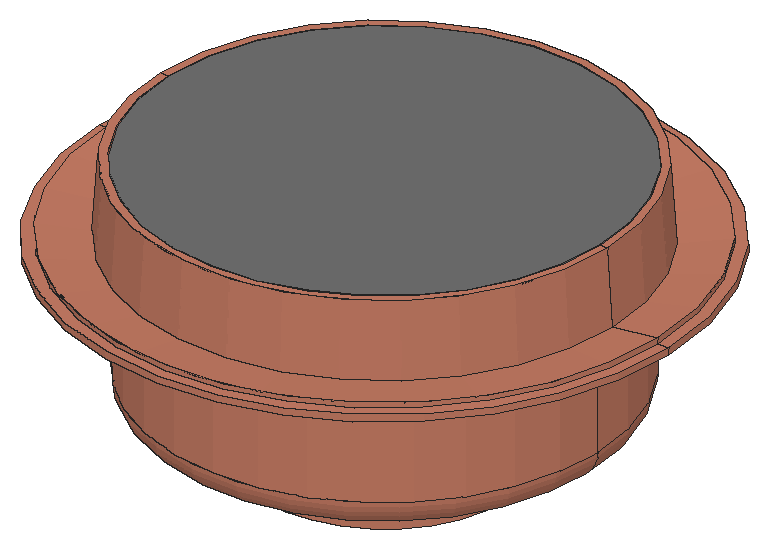
Revit family "Flr_Drn_2142_JRSmith", category Plumbing Fixtures, Revit 2021
Family settings
  Round Connector Dimension = Use Radius
  Part Type = Normal
  Work Plane-Based = Yes
  Always vertical = Yes
  Cut with Voids When Loaded = No
  Shared = No
  Room Calculation Point = No
Parameters (values of type "2142-06")
  Weight (lb) = 47.08
  Waste Connection = no
  Warranty = "1 year material and workmanship"  # constant formula
  Vent Connection = no
  URL = "http://www.jrsmith.com"
  Threaded Connection = yes
  Technical and Installation = "http://www.jrsmith.com/products/floor/tech_data_index.htm"
  SMARTBIM URL = "www.smartbim.com"
  SMARTBIM Object Version = 3  # constant formula
  SMARTBIM Object Created By = "SMARTBIM,LLC"  # constant formula
  SMARTBIM Contact = "mailto:smartbim@smartbim.com"
  Push On Connection = yes
  Product URL = "http://www.jrsmith.com/products/floor/submittal/d2230.pdf"
  Outlet Diameter = 6"
  No-Hub Connection = yes
  Material Finish = Duco Cast Iron
  Material = Cast Iron
  Free Area (Sq.In) = "25.5"  # constant formula
  Description = "Duco cast iron body and flashing collar with cast iron grate and slotted sediment bucket"  # constant formula
  Outlet Radius = 3"
  OmniClass Title = "Sanitary Drains"  # constant formula
  OmniClass Code = "22-22 13 19 13"  # constant formula
  Model = "2230"  # constant formula
  Manufacturer = "Jay R. Smith Mfg. Co. "  # constant formula
  Default Elevation = 0"
  Caulk Connection = yes
  B = 5"
  Assembly Code = "D2030300"
  95 CSI = "15155"  # constant formula
  04 CSI = "22 13 19"  # constant formula
Types (5): name | Weight (lb) | Outlet Diameter | Outlet Radius
  2142-02 | 48.97 | 2" | 1"
  2142-03 | 47.97 | 3" | 1 1/2"
  2142-04 | 46.31 | 4" | 2"
  2142-05 | 48.92 | 5" | 2 1/2"
  2142-06 | 47.08 | 6" | 3"
Reference planes (in)
  plane 1 "Center (Front/Back)": y = 0
  plane 2: z = 0
  plane 3 "Center (Left/Right)": x = 0
  plane 4: x = -7.625
  plane 5: x = 7.625
  plane 6: x = -6
  plane 7: x = 6
  plane 8: z = -5
  plane 9: z = 0
  plane 10: z = 2
Lines and regions (in)
  model lines, detail levels coarse+medium
    curve 1: line (6, 0, 2) -> (-6, 0, 2)
    curve 2: line (3, 0, -5) -> (-3, 0, -5)
    curve 3: line (0, 0, 2) -> (0, 0, -5)
  symbolic lines, detail levels fine
    curve 4: circle (0, 0, 0) r 7.625 normal (0, 0, 1)
Dimensions and locks (in)
  plane 4 to plane 5 = 15 1/4"
  plane 6 to plane 7 = 12"
  locked: plane 3 "Center (Left/Right)" to curve 1 at 6
  locked: curve 1 to plane 3 "Center (Left/Right)" at 6
  "Outlet Radius": plane 3 "Center (Left/Right)" to curve 2
  "Outlet Radius": curve 2 to plane 3 "Center (Left/Right)"
  locked: level to plane 9
  "B": plane 9 to plane 8
  locked: plane 10 to plane 9 at 2
  aligned and locked: plane 1 "Center (Front/Back)" to nested 1
  aligned and locked: plane 3 "Center (Left/Right)" to nested 1
  aligned and locked: curve 3 to plane 3 "Center (Left/Right)"
  aligned and locked: curve 2 to curve 3
  aligned and locked: plane 8 to curve 2
  aligned and locked: plane 10 to curve 1
  aligned and locked: plane 9 to nested 1
  aligned and locked: plane 10 to curve 3
  aligned and locked: curve 4 to nested 1
Nested families (in)
  nested 1: "2230" at (0, 0, 0.4567), type "2230", detail levels fine
    with Pipe Radius 3", B 5"
Connectors (in)
  piping at (0, 0, -5), diameter 6, driven by "Outlet Radius"
    settings: on nested 1, index 1, connector inside diameter 3", connector length 0", flow factor 0, pipe flow 0 GPM, pressure drop 0.00 psi, fitting loss kfactor 0, connector angle 0.00°, fixture units 0, engagement length 0", angle of deflection 0.00°, flow configuration 0, flow direction 2, fitting loss method 0, system type 16, joint type 0, gender type 0, connector reference index -1, connector utility 0, adjustable connector no, is connector primary yes, connector description ""
Definition of nested family "2230"
  Parameters
    Weight (lb) = 48.97
    Waste Connection = no
    Warranty = "1 year material and workmanship"  # constant formula
    Vent Connection = no
    URL = "http://www.jrsmith.com"
    Technical and Installation = "http://www.jrsmith.com/products/floor/tech_data_index.htm"
    SmartBIM Object Version = 3  # constant formula
    SmartBIM Object Created By = "Reed Construction Data"  # constant formula
    Push On = yes
    Product URL = "http://www.jrsmith.com/products/floor/submittal/d2230.pdf"
    Pipe Diameter = "2\""
    Offset = Floor Offset + 1 139/256"  # 3 3/4"
    No Hub = yes
    Free Area (sq. in) = "25.5"  # constant formula
    Flow Rate = ""
    Floor Offset = 2 53/256"
    Description = "Duco cast iron body and flashing collar with cast iron grate and slotted sediment bucket"  # constant formula
    Pipe Radius = 1"
    OmniClass Title = "Sanitary Drains"  # constant formula
    OmniClass Code = "22-22 13 19 13"  # constant formula
    Model = "2230"  # constant formula
    Material Finish = none
    Material = none
    Manufacturer = "Jay R. Smith Mfg. Co. "  # constant formula
    Default Elevation = 0"
    Connection Type = ""
    B = 6 7/8"
    Assembly Code = "D2030300"
    95 CSI = "15155"  # constant formula
    04 CSI = "22 13 19"  # constant formula
  Reference planes (in)
    plane 1 "Center (Front/Back)": y = 0
    plane 2: z = 0
    plane 3 "Center (Left/Right)": x = 0
    plane 4: z = 1.5433
    plane 5: x = 8.65929
    plane 6: x = 7.625
    plane 7: x = -7.625
    plane 8: x = 7.625
    plane 9: x = -6
    plane 10: x = 6
    plane 11: z = -3.04692
    plane 12: z = -0.4567
  Forms (in)
    Extrusion 1, solid, material <- "Material Finish"
      sketch origin (-6.23822, -180, 1.5433) x (-1, 0, 0) y (0, -1, 0)
        loop
          circle (-6.23822, -180) r 5.78274
      from 0 to -0.25
    Revolve 2, solid, material <- "Material"
      sketch origin (0, 0, 0) x (1, 0, 0) y (0, 0, 1)
        loop
          line (5.34488, -0.71086) -> (5.51736, -0.71086) -> (5.51736, -0.06946) -> (5.10041, -0.06946)
          arc (5.10041, -0.06946) -> (5.01203, -0.03285) -> (4.97541, 0.05554) r 0.125
          line (4.97541, 0.05554) -> (4.97541, 0.19164) -> (5.64993, 0.19164) -> (5.78274, 1.54268) -> (6, 1.54268) -> (6.12581, -0.3021) -> (7.33247, -0.15378) -> (7.33247, -0.2809) -> (7.625, -0.2809) -> (7.625, -0.4567) -> (5.72446, -0.73243) -> (5.72446, -3.45859)
          arc (5.72446, -3.45859) -> (5.50479, -3.98892) -> (4.97446, -4.20859) r 0.75
          line (4.97446, -4.20859) -> (1.29266, -4.20859) -> (1.29266, -7.3317) -> (1, -7.3317) -> (1, -3.70133) -> (5.0197, -3.70133) -> (5.21496, -0.83143)
          arc (5.21496, -0.83143) -> (5.25307, -0.74592) -> (5.33988, -0.71086) r 0.125
        axis (0, 1.54268) -> (0, -7.3317)
      angle from 0 to 360
  Dimensions and locks (in)
    "Pipe Radius": Revolve 2 sketch curve to Revolve 2 sketch curve
    plane 5 to Revolve 2 sketch curve = 8.65929"
    locked: Revolve 2 sketch curve to Revolve 2 sketch curve at 0.29266
    locked: plane 6 to Revolve 2 sketch curve at 2.64959
    plane 7 to plane 8 = 15 1/4"
    plane 9 to plane 10 = 12"
    plane 4 to Revolve 2 = 2"
    plane 4 to Revolve 2 sketch curve = 2"
    "B": Revolve 2 sketch curve to Revolve 2 sketch curve
    Revolve 2 sketch curve to Revolve 2 sketch curve = 3.75189"
    locked: Revolve 2 sketch curve to Revolve 2 sketch curve at 0.50726
    locked: Revolve 2 sketch curve to Revolve 2 sketch curve at 3.24463
    aligned and locked: Extrusion 1 to plane 4
    aligned and locked: Extrusion 1 sketch curve to Revolve 2  (x2)
  Automatic sketch dimensions
    Revolve 2 sketch curve to plane 10 = 0"
    Revolve 2 sketch curve to plane 6 = 0"
    Revolve 2 sketch curve to plane 10 = 1.02554"
    Revolve 2 sketch curve to Revolve 2 sketch curve = 0.04524"
    Revolve 2 sketch curve to level = 0.06946"
    Revolve 2 sketch curve to Revolve 2 sketch curve = 1/8"
    Revolve 2 sketch curve to plane 12 = 0.37473"
    Revolve 2 sketch curve to Revolve 2 sketch curve = 0.11454"
    Revolve 2 sketch curve to Revolve 2 sketch curve = 0.12492"
    Revolve 2 sketch curve to Revolve 2 sketch curve = 0.005"
    Revolve 2 sketch curve to Revolve 2 sketch curve = 0.17248"
    Revolve 2 sketch curve to Revolve 2 sketch curve = 0.13256"
    Revolve 2 sketch curve to Revolve 2 sketch curve = 0.2071"
    Revolve 2 sketch curve to plane 4 = 0.00062"
    Revolve 2 sketch curve to plane 10 = 0.21726"
    Revolve 2 sketch curve to plane 6 = 0.29253"
    Revolve 2 sketch curve to Revolve 2 sketch curve = 41.54523"
    Revolve 2 sketch curve to Revolve 2 sketch curve = 0.00443"
    Revolve 2 sketch curve to plane 12 = 0.27572"
    Revolve 2 sketch curve to Revolve 2 sketch curve = 0"
    plane 12 to Revolve 2 sketch curve = 0.1546"
    plane 12 to Revolve 2 sketch curve = 0.1758"
    Revolve 2 sketch curve to Revolve 2 sketch curve = 0.12712"
    level to Revolve 2 sketch curve = 0.19164"
    plane 4 to Revolve 2 sketch curve = 93.52174"
